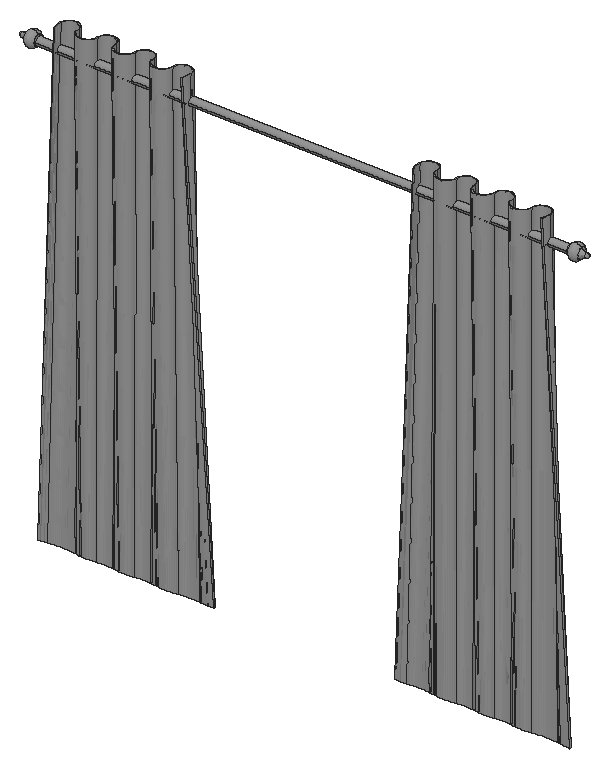
Revit family "Curtains_13832", category Furniture, Revit 2020 (continued)
Definition of nested family "Curtain Pole End"
  Forms (mm)
    Blend 2, solid, not visible
      base sketch origin (-322.009, 0, 0) x (1, 0, 0) y (0, 1, 0)
        loop
          arc (-176.544, -1.489) -> (-148.534, 0.809) -> (-120.525, -1.489) r 171.863
          arc (-120.525, -1.489) -> (-88.534, -4.114) -> (-56.544, -1.489) r 196.291
          arc (-56.544, -1.489) -> (-10.769, 2.246) -> (35, -1.57) r 279.352
          arc (35, -1.57) -> (50.945, -3.736) -> (66.992, -4.925) r 263.789
          line (66.992, -4.925) -> (66.992, -1.922)
          arc (66.992, -1.922) -> (51.193, -0.745) -> (35.494, 1.389) r 260.789
          arc (35.494, 1.389) -> (-10.766, 5.246) -> (-57.033, 1.471) r 282.352
          arc (-57.033, 1.471) -> (-88.534, -1.114) -> (-120.036, 1.471) r 193.291
          arc (-120.036, 1.471) -> (-148.534, 3.809) -> (-177.033, 1.471) r 174.863
          arc (-177.033, 1.471) -> (-208.534, -1.114) -> (-240.036, 1.471) r 193.291
          arc (-240.036, 1.471) -> (-268.534, 3.809) -> (-297.033, 1.471) r 174.863
          arc (-297.033, 1.471) -> (-339.158, -1.985) -> (-381.284, 1.471) r 258.477
          arc (-381.284, 1.471) -> (-419.035, 4.547) -> (-456.779, 1.388) r 230.096
      top sketch origin (-322.009, 0, 0) x (1, 0, 0) y (0, 1, 0)
        loop
          arc (-420, 0) -> (-418.736, -15.209) -> (-414.977, -30) r 92.103
          line (-414.977, -30) -> (-412.044, -30)
          arc (-412.044, -30) -> (-415.753, -15.203) -> (-417, 0) r 93.286
          arc (-417, 0) -> (-390, 27) -> (-363, 0) r 27
          arc (-363, 0) -> (-330, -33) -> (-297, 0) r 33
          arc (-297, 0) -> (-270, 27) -> (-243, 0) r 27
          arc (-243, 0) -> (-210, -33) -> (-177, 0) r 33
          arc (-177, 0) -> (-150, 27) -> (-123, 0) r 27
          arc (-123, 0) -> (-90, -33) -> (-57, 0) r 33
          arc (-57, 0) -> (-30.698, 26.991) -> (-3.036, 1.395) r 27
          arc (-3.036, 1.395) -> (-3.89, -13.834) -> (-7.979, -28.529) r 70.952
          line (-7.979, -28.529) -> (-4.992, -28.529)
          arc (-4.992, -28.529) -> (-0.912, -13.794) -> (-0.036, 1.471) r 72.004
          arc (-0.036, 1.471) -> (-30.736, 29.991) -> (-60, 0) r 30
          arc (-60, 0) -> (-90, -30) -> (-120, 0) r 30
          arc (-120, 0) -> (-150, 30) -> (-180, 0) r 30
          arc (-180, 0) -> (-210, -30) -> (-240, 0) r 30
          arc (-240, 0) -> (-270, 30) -> (-300, 0) r 30
          arc (-300, 0) -> (-330, -30) -> (-360, 0) r 30
          arc (-360, 0) -> (-390, 30) -> (-420, 0) r 30
      from 1000 to 3000
    Blend 3, solid, not visible
      base sketch origin (-481.992, 0, 0) x (1, 0, 0) y (0, 1, 0)
        loop
          arc (-456.779, 1.388) -> (-474.889, -0.096) -> (-492.991, 1.472) r 108.149
          line (-492.991, 1.472) -> (-492.991, -1.571)
          arc (-492.991, -1.571) -> (-474.638, -3.096) -> (-456.284, -1.571) r 111.149
          arc (-456.284, -1.571) -> (-419.032, 1.547) -> (-381.773, -1.489) r 227.096
          arc (-381.773, -1.489) -> (-339.158, -4.985) -> (-296.544, -1.489) r 261.477
          arc (-296.544, -1.489) -> (-268.534, 0.809) -> (-240.525, -1.489) r 171.863
          arc (-240.525, -1.489) -> (-208.534, -4.114) -> (-176.544, -1.489) r 196.291
          arc (-176.544, -1.489) -> (-148.534, 0.809) -> (-120.525, -1.489) r 171.863
          arc (-120.525, -1.489) -> (-88.534, -4.114) -> (-56.544, -1.489) r 196.291
          arc (-56.544, -1.489) -> (-10.769, 2.246) -> (35, -1.57) r 279.352
          arc (35, -1.57) -> (50.945, -3.736) -> (66.992, -4.925) r 263.789
          line (66.992, -4.925) -> (66.992, -1.922)
          arc (66.992, -1.922) -> (51.193, -0.745) -> (35.494, 1.389) r 260.789
          arc (35.494, 1.389) -> (-10.766, 5.246) -> (-57.033, 1.471) r 282.352
          arc (-57.033, 1.471) -> (-88.534, -1.114) -> (-120.036, 1.471) r 193.291
          arc (-120.036, 1.471) -> (-148.534, 3.809) -> (-177.033, 1.471) r 174.863
          arc (-177.033, 1.471) -> (-208.534, -1.114) -> (-240.036, 1.471) r 193.291
          arc (-240.036, 1.471) -> (-268.534, 3.809) -> (-297.033, 1.471) r 174.863
          arc (-297.033, 1.471) -> (-339.158, -1.985) -> (-381.284, 1.471) r 258.477
          arc (-381.284, 1.471) -> (-419.035, 4.547) -> (-456.779, 1.388) r 230.096
      top sketch origin (-481.992, 0, 0) x (1, 0, 0) y (0, 1, 0)
        loop
          arc (-420, 0) -> (-418.736, -15.209) -> (-414.977, -30) r 92.103
          line (-414.977, -30) -> (-412.044, -30)
          arc (-412.044, -30) -> (-415.753, -15.203) -> (-417, 0) r 93.286
          arc (-417, 0) -> (-390, 27) -> (-363, 0) r 27
          arc (-363, 0) -> (-330, -33) -> (-297, 0) r 33
          arc (-297, 0) -> (-270, 27) -> (-243, 0) r 27
          arc (-243, 0) -> (-210, -33) -> (-177, 0) r 33
          arc (-177, 0) -> (-150, 27) -> (-123, 0) r 27
          arc (-123, 0) -> (-90, -33) -> (-57, 0) r 33
          arc (-57, 0) -> (-30.698, 26.991) -> (-3.036, 1.395) r 27
          arc (-3.036, 1.395) -> (-3.89, -13.834) -> (-7.979, -28.529) r 70.952
          line (-7.979, -28.529) -> (-4.992, -28.529)
          arc (-4.992, -28.529) -> (-0.912, -13.794) -> (-0.036, 1.471) r 72.004
          arc (-0.036, 1.471) -> (-30.736, 29.991) -> (-60, 0) r 30
          arc (-60, 0) -> (-90, -30) -> (-120, 0) r 30
          arc (-120, 0) -> (-150, 30) -> (-180, 0) r 30
          arc (-180, 0) -> (-210, -30) -> (-240, 0) r 30
          arc (-240, 0) -> (-270, 30) -> (-300, 0) r 30
          arc (-300, 0) -> (-330, -30) -> (-360, 0) r 30
          arc (-360, 0) -> (-390, 30) -> (-420, 0) r 30
      from 500 to 3000
    Blend 4, solid, not visible
      base sketch origin (481.992, 0, 0) x (-1, 0, 0) y (0, -1, 0)
        loop
          arc (-456.779, -1.388) -> (-419.035, -4.547) -> (-381.284, -1.471) r 230.096
          arc (-381.284, -1.471) -> (-339.158, 1.985) -> (-297.033, -1.471) r 258.477
          arc (-297.033, -1.471) -> (-268.534, -3.809) -> (-240.036, -1.471) r 174.863
          arc (-240.036, -1.471) -> (-208.534, 1.114) -> (-177.033, -1.471) r 193.291
          arc (-177.033, -1.471) -> (-148.534, -3.809) -> (-120.036, -1.471) r 174.863
          arc (-120.036, -1.471) -> (-88.534, 1.114) -> (-57.033, -1.471) r 193.291
          arc (-57.033, -1.471) -> (-10.766, -5.246) -> (35.494, -1.389) r 282.352
          arc (35.494, -1.389) -> (51.193, 0.745) -> (66.992, 1.922) r 260.789
          line (66.992, 1.922) -> (66.992, 4.925)
          arc (66.992, 4.925) -> (50.945, 3.736) -> (35, 1.57) r 263.789
          arc (35, 1.57) -> (-10.769, -2.246) -> (-56.544, 1.489) r 279.352
          arc (-56.544, 1.489) -> (-88.534, 4.114) -> (-120.525, 1.489) r 196.291
          arc (-120.525, 1.489) -> (-148.534, -0.809) -> (-176.544, 1.489) r 171.863
          arc (-176.544, 1.489) -> (-208.534, 4.114) -> (-240.525, 1.489) r 196.291
          arc (-240.525, 1.489) -> (-268.534, -0.809) -> (-296.544, 1.489) r 171.863
          arc (-296.544, 1.489) -> (-339.158, 4.985) -> (-381.773, 1.489) r 261.477
          arc (-381.773, 1.489) -> (-419.032, -1.547) -> (-456.284, 1.571) r 227.096
          arc (-456.284, 1.571) -> (-474.638, 3.096) -> (-492.991, 1.571) r 111.149
          line (-492.991, 1.571) -> (-492.991, -1.472)
          arc (-492.991, -1.472) -> (-474.889, 0.096) -> (-456.779, -1.388) r 108.149
      top sketch origin (481.992, 0, 0) x (-1, 0, 0) y (0, -1, 0)
        loop
          arc (-420, 0) -> (-390, -30) -> (-360, 0) r 30
          arc (-360, 0) -> (-330, 30) -> (-300, 0) r 30
          arc (-300, 0) -> (-270, -30) -> (-240, 0) r 30
          arc (-240, 0) -> (-210, 30) -> (-180, 0) r 30
          arc (-180, 0) -> (-150, -30) -> (-120, 0) r 30
          arc (-120, 0) -> (-90, 30) -> (-60, 0) r 30
          arc (-60, 0) -> (-30.736, -29.991) -> (-0.036, -1.471) r 30
          arc (-0.036, -1.471) -> (-0.912, 13.794) -> (-4.992, 28.529) r 72.004
          line (-4.992, 28.529) -> (-7.979, 28.529)
          arc (-7.979, 28.529) -> (-3.89, 13.834) -> (-3.036, -1.395) r 70.952
          arc (-3.036, -1.395) -> (-30.698, -26.991) -> (-57, 0) r 27
          arc (-57, 0) -> (-90, 33) -> (-123, 0) r 33
          arc (-123, 0) -> (-150, -27) -> (-177, 0) r 27
          arc (-177, 0) -> (-210, 33) -> (-243, 0) r 33
          arc (-243, 0) -> (-270, -27) -> (-297, 0) r 27
          arc (-297, 0) -> (-330, 33) -> (-363, 0) r 33
          arc (-363, 0) -> (-390, -27) -> (-417, 0) r 27
          arc (-417, 0) -> (-415.753, 15.203) -> (-412.044, 30) r 93.286
          line (-412.044, 30) -> (-414.977, 30)
          arc (-414.977, 30) -> (-418.736, 15.209) -> (-420, 0) r 92.103
      from 500 to 3000
    Blend 5, solid, not visible
      base sketch origin (-1433.008, 0, 0) x (-1, 0, 0) y (0, -1, 0)
        loop
          arc (-706.779, -1.388) -> (-669.035, -4.547) -> (-631.284, -1.471) r 230.096
          arc (-631.284, -1.471) -> (-589.158, 1.985) -> (-547.033, -1.471) r 258.477
          arc (-547.033, -1.471) -> (-518.534, -3.809) -> (-490.036, -1.471) r 174.863
          arc (-490.036, -1.471) -> (-458.534, 1.114) -> (-427.033, -1.471) r 193.291
          arc (-427.033, -1.471) -> (-398.534, -3.809) -> (-370.036, -1.471) r 174.863
          arc (-370.036, -1.471) -> (-338.534, 1.114) -> (-307.033, -1.471) r 193.291
          arc (-307.033, -1.471) -> (-260.766, -5.246) -> (-214.506, -1.389) r 282.352
          arc (-214.506, -1.389) -> (-198.807, 0.745) -> (-183.008, 1.922) r 260.789
          line (-183.008, 1.922) -> (-183.008, 4.925)
          arc (-183.008, 4.925) -> (-199.055, 3.736) -> (-215, 1.57) r 263.789
          arc (-215, 1.57) -> (-260.769, -2.246) -> (-306.544, 1.489) r 279.352
          arc (-306.544, 1.489) -> (-338.534, 4.114) -> (-370.525, 1.489) r 196.291
          arc (-370.525, 1.489) -> (-398.534, -0.809) -> (-426.544, 1.489) r 171.863
          arc (-426.544, 1.489) -> (-458.534, 4.114) -> (-490.525, 1.489) r 196.291
          arc (-490.525, 1.489) -> (-518.534, -0.809) -> (-546.544, 1.489) r 171.863
          arc (-546.544, 1.489) -> (-589.158, 4.985) -> (-631.773, 1.489) r 261.477
          arc (-631.773, 1.489) -> (-669.032, -1.547) -> (-706.284, 1.571) r 227.096
          arc (-706.284, 1.571) -> (-724.638, 3.096) -> (-742.991, 1.571) r 111.149
          line (-742.991, 1.571) -> (-742.991, -1.472)
          arc (-742.991, -1.472) -> (-724.889, 0.096) -> (-706.779, -1.388) r 108.149
      top sketch origin (-1433.008, 0, 0) x (-1, 0, 0) y (0, -1, 0)
        loop
          arc (-670, 0) -> (-640, -30) -> (-610, 0) r 30
          arc (-610, 0) -> (-580, 30) -> (-550, 0) r 30
          arc (-550, 0) -> (-520, -30) -> (-490, 0) r 30
          arc (-490, 0) -> (-460, 30) -> (-430, 0) r 30
          arc (-430, 0) -> (-400, -30) -> (-370, 0) r 30
          arc (-370, 0) -> (-340, 30) -> (-310, 0) r 30
          arc (-310, 0) -> (-280.736, -29.991) -> (-250.036, -1.471) r 30
          arc (-250.036, -1.471) -> (-250.912, 13.794) -> (-254.992, 28.529) r 72.004
          line (-254.992, 28.529) -> (-257.979, 28.529)
          arc (-257.979, 28.529) -> (-253.89, 13.834) -> (-253.036, -1.395) r 70.952
          arc (-253.036, -1.395) -> (-280.698, -26.991) -> (-307, 0) r 27
          arc (-307, 0) -> (-340, 33) -> (-373, 0) r 33
          arc (-373, 0) -> (-400, -27) -> (-427, 0) r 27
          arc (-427, 0) -> (-460, 33) -> (-493, 0) r 33
          arc (-493, 0) -> (-520, -27) -> (-547, 0) r 27
          arc (-547, 0) -> (-580, 33) -> (-613, 0) r 33
          arc (-613, 0) -> (-640, -27) -> (-667, 0) r 27
          arc (-667, 0) -> (-665.753, 15.203) -> (-662.044, 30) r 93.286
          line (-662.044, 30) -> (-664.977, 30)
          arc (-664.977, 30) -> (-668.736, 15.209) -> (-670, 0) r 92.103
      from 1000 to 3000
    Blend 6, solid, not visible
      base sketch origin (1433.008, 0, 0) x (1, 0, 0) y (0, 1, 0)
        loop
          arc (-706.779, 1.388) -> (-724.889, -0.096) -> (-742.991, 1.472) r 108.149
          line (-742.991, 1.472) -> (-742.991, -1.571)
          arc (-742.991, -1.571) -> (-724.638, -3.096) -> (-706.284, -1.571) r 111.149
          arc (-706.284, -1.571) -> (-669.032, 1.547) -> (-631.773, -1.489) r 227.096
          arc (-631.773, -1.489) -> (-589.158, -4.985) -> (-546.544, -1.489) r 261.477
          arc (-546.544, -1.489) -> (-518.534, 0.809) -> (-490.525, -1.489) r 171.863
          arc (-490.525, -1.489) -> (-458.534, -4.114) -> (-426.544, -1.489) r 196.291
          arc (-426.544, -1.489) -> (-398.534, 0.809) -> (-370.525, -1.489) r 171.863
          arc (-370.525, -1.489) -> (-338.534, -4.114) -> (-306.544, -1.489) r 196.291
          arc (-306.544, -1.489) -> (-260.769, 2.246) -> (-215, -1.57) r 279.352
          arc (-215, -1.57) -> (-199.055, -3.736) -> (-183.008, -4.925) r 263.789
          line (-183.008, -4.925) -> (-183.008, -1.922)
          arc (-183.008, -1.922) -> (-198.807, -0.745) -> (-214.506, 1.389) r 260.789
          arc (-214.506, 1.389) -> (-260.766, 5.246) -> (-307.033, 1.471) r 282.352
          arc (-307.033, 1.471) -> (-338.534, -1.114) -> (-370.036, 1.471) r 193.291
          arc (-370.036, 1.471) -> (-398.534, 3.809) -> (-427.033, 1.471) r 174.863
          arc (-427.033, 1.471) -> (-458.534, -1.114) -> (-490.036, 1.471) r 193.291
          arc (-490.036, 1.471) -> (-518.534, 3.809) -> (-547.033, 1.471) r 174.863
          arc (-547.033, 1.471) -> (-589.158, -1.985) -> (-631.284, 1.471) r 258.477
          arc (-631.284, 1.471) -> (-669.035, 4.547) -> (-706.779, 1.388) r 230.096
      top sketch origin (1433.008, 0, 0) x (1, 0, 0) y (0, 1, 0)
        loop
          arc (-670, 0) -> (-668.736, -15.209) -> (-664.977, -30) r 92.103
          line (-664.977, -30) -> (-662.044, -30)
          arc (-662.044, -30) -> (-665.753, -15.203) -> (-667, 0) r 93.286
          arc (-667, 0) -> (-640, 27) -> (-613, 0) r 27
          arc (-613, 0) -> (-580, -33) -> (-547, 0) r 33
          arc (-547, 0) -> (-520, 27) -> (-493, 0) r 27
          arc (-493, 0) -> (-460, -33) -> (-427, 0) r 33
          arc (-427, 0) -> (-400, 27) -> (-373, 0) r 27
          arc (-373, 0) -> (-340, -33) -> (-307, 0) r 33
          arc (-307, 0) -> (-280.698, 26.991) -> (-253.036, 1.395) r 27
          arc (-253.036, 1.395) -> (-253.89, -13.834) -> (-257.979, -28.529) r 70.952
          line (-257.979, -28.529) -> (-254.992, -28.529)
          arc (-254.992, -28.529) -> (-250.912, -13.794) -> (-250.036, 1.471) r 72.004
          arc (-250.036, 1.471) -> (-280.736, 29.991) -> (-310, 0) r 30
          arc (-310, 0) -> (-340, -30) -> (-370, 0) r 30
          arc (-370, 0) -> (-400, 30) -> (-430, 0) r 30
          arc (-430, 0) -> (-460, -30) -> (-490, 0) r 30
          arc (-490, 0) -> (-520, 30) -> (-550, 0) r 30
          arc (-550, 0) -> (-580, -30) -> (-610, 0) r 30
          arc (-610, 0) -> (-640, 30) -> (-670, 0) r 30
      from 1000 to 3000
    Blend 7, solid, not visible
      base sketch origin (933.008, 0, 0) x (1, 0, 0) y (0, 1, 0)
        loop
          arc (-706.779, 1.388) -> (-724.889, -0.096) -> (-742.991, 1.472) r 108.149
          line (-742.991, 1.472) -> (-742.991, -1.571)
          arc (-742.991, -1.571) -> (-724.638, -3.096) -> (-706.284, -1.571) r 111.149
          arc (-706.284, -1.571) -> (-669.032, 1.547) -> (-631.773, -1.489) r 227.096
          arc (-631.773, -1.489) -> (-589.158, -4.985) -> (-546.544, -1.489) r 261.477
          arc (-546.544, -1.489) -> (-518.534, 0.809) -> (-490.525, -1.489) r 171.863
          arc (-490.525, -1.489) -> (-458.534, -4.114) -> (-426.544, -1.489) r 196.291
          arc (-426.544, -1.489) -> (-398.534, 0.809) -> (-370.525, -1.489) r 171.863
          arc (-370.525, -1.489) -> (-338.534, -4.114) -> (-306.544, -1.489) r 196.291
          arc (-306.544, -1.489) -> (-260.769, 2.246) -> (-215, -1.57) r 279.352
          arc (-215, -1.57) -> (-199.055, -3.736) -> (-183.008, -4.925) r 263.789
          line (-183.008, -4.925) -> (-183.008, -1.922)
          arc (-183.008, -1.922) -> (-198.807, -0.745) -> (-214.506, 1.389) r 260.789
          arc (-214.506, 1.389) -> (-260.766, 5.246) -> (-307.033, 1.471) r 282.352
          arc (-307.033, 1.471) -> (-338.534, -1.114) -> (-370.036, 1.471) r 193.291
          arc (-370.036, 1.471) -> (-398.534, 3.809) -> (-427.033, 1.471) r 174.863
          arc (-427.033, 1.471) -> (-458.534, -1.114) -> (-490.036, 1.471) r 193.291
          arc (-490.036, 1.471) -> (-518.534, 3.809) -> (-547.033, 1.471) r 174.863
          arc (-547.033, 1.471) -> (-589.158, -1.985) -> (-631.284, 1.471) r 258.477
          arc (-631.284, 1.471) -> (-669.035, 4.547) -> (-706.779, 1.388) r 230.096
      top sketch origin (933.008, 0, 0) x (1, 0, 0) y (0, 1, 0)
        loop
          arc (-670, 0) -> (-668.736, -15.209) -> (-664.977, -30) r 92.103
          line (-664.977, -30) -> (-662.044, -30)
          arc (-662.044, -30) -> (-665.753, -15.203) -> (-667, 0) r 93.286
          arc (-667, 0) -> (-640, 27) -> (-613, 0) r 27
          arc (-613, 0) -> (-580, -33) -> (-547, 0) r 33
          arc (-547, 0) -> (-520, 27) -> (-493, 0) r 27
          arc (-493, 0) -> (-460, -33) -> (-427, 0) r 33
          arc (-427, 0) -> (-400, 27) -> (-373, 0) r 27
          arc (-373, 0) -> (-340, -33) -> (-307, 0) r 33
          arc (-307, 0) -> (-280.698, 26.991) -> (-253.036, 1.395) r 27
          arc (-253.036, 1.395) -> (-253.89, -13.834) -> (-257.979, -28.529) r 70.952
          line (-257.979, -28.529) -> (-254.992, -28.529)
          arc (-254.992, -28.529) -> (-250.912, -13.794) -> (-250.036, 1.471) r 72.004
          arc (-250.036, 1.471) -> (-280.736, 29.991) -> (-310, 0) r 30
          arc (-310, 0) -> (-340, -30) -> (-370, 0) r 30
          arc (-370, 0) -> (-400, 30) -> (-430, 0) r 30
          arc (-430, 0) -> (-460, -30) -> (-490, 0) r 30
          arc (-490, 0) -> (-520, 30) -> (-550, 0) r 30
          arc (-550, 0) -> (-580, -30) -> (-610, 0) r 30
          arc (-610, 0) -> (-640, 30) -> (-670, 0) r 30
      from 0 to 2000
    Blend 8, solid, not visible
      base sketch origin (-933.008, 0, 1000) x (-1, 0, 0) y (0, -1, 0)
        loop
          arc (-706.779, -1.388) -> (-669.035, -4.547) -> (-631.284, -1.471) r 230.096
          arc (-631.284, -1.471) -> (-589.158, 1.985) -> (-547.033, -1.471) r 258.477
          arc (-547.033, -1.471) -> (-518.534, -3.809) -> (-490.036, -1.471) r 174.863
          arc (-490.036, -1.471) -> (-458.534, 1.114) -> (-427.033, -1.471) r 193.291
          arc (-427.033, -1.471) -> (-398.534, -3.809) -> (-370.036, -1.471) r 174.863
          arc (-370.036, -1.471) -> (-338.534, 1.114) -> (-307.033, -1.471) r 193.291
          arc (-307.033, -1.471) -> (-260.766, -5.246) -> (-214.506, -1.389) r 282.352
          arc (-214.506, -1.389) -> (-198.807, 0.745) -> (-183.008, 1.922) r 260.789
          line (-183.008, 1.922) -> (-183.008, 4.925)
          arc (-183.008, 4.925) -> (-199.055, 3.736) -> (-215, 1.57) r 263.789
          arc (-215, 1.57) -> (-260.769, -2.246) -> (-306.544, 1.489) r 279.352
          arc (-306.544, 1.489) -> (-338.534, 4.114) -> (-370.525, 1.489) r 196.291
          arc (-370.525, 1.489) -> (-398.534, -0.809) -> (-426.544, 1.489) r 171.863
          arc (-426.544, 1.489) -> (-458.534, 4.114) -> (-490.525, 1.489) r 196.291
          arc (-490.525, 1.489) -> (-518.534, -0.809) -> (-546.544, 1.489) r 171.863
          arc (-546.544, 1.489) -> (-589.158, 4.985) -> (-631.773, 1.489) r 261.477
          arc (-631.773, 1.489) -> (-669.032, -1.547) -> (-706.284, 1.571) r 227.096
          arc (-706.284, 1.571) -> (-724.638, 3.096) -> (-742.991, 1.571) r 111.149
          line (-742.991, 1.571) -> (-742.991, -1.472)
          arc (-742.991, -1.472) -> (-724.889, 0.096) -> (-706.779, -1.388) r 108.149
      top sketch origin (-933.008, 0, 1000) x (-1, 0, 0) y (0, -1, 0)
        loop
          arc (-670, 0) -> (-640, -30) -> (-610, 0) r 30
          arc (-610, 0) -> (-580, 30) -> (-550, 0) r 30
          arc (-550, 0) -> (-520, -30) -> (-490, 0) r 30
          arc (-490, 0) -> (-460, 30) -> (-430, 0) r 30
          arc (-430, 0) -> (-400, -30) -> (-370, 0) r 30
          arc (-370, 0) -> (-340, 30) -> (-310, 0) r 30
          arc (-310, 0) -> (-280.736, -29.991) -> (-250.036, -1.471) r 30
          arc (-250.036, -1.471) -> (-250.912, 13.794) -> (-254.992, 28.529) r 72.004
          line (-254.992, 28.529) -> (-257.979, 28.529)
          arc (-257.979, 28.529) -> (-253.89, 13.834) -> (-253.036, -1.395) r 70.952
          arc (-253.036, -1.395) -> (-280.698, -26.991) -> (-307, 0) r 27
          arc (-307, 0) -> (-340, 33) -> (-373, 0) r 33
          arc (-373, 0) -> (-400, -27) -> (-427, 0) r 27
          arc (-427, 0) -> (-460, 33) -> (-493, 0) r 33
          arc (-493, 0) -> (-520, -27) -> (-547, 0) r 27
          arc (-547, 0) -> (-580, 33) -> (-613, 0) r 33
          arc (-613, 0) -> (-640, -27) -> (-667, 0) r 27
          arc (-667, 0) -> (-665.753, 15.203) -> (-662.044, 30) r 93.286
          line (-662.044, 30) -> (-664.977, 30)
          arc (-664.977, 30) -> (-668.736, 15.209) -> (-670, 0) r 92.103
      from 0 to 2000
    Revolve 9, solid, material <- "Pole Material"
      sketch origin (0, 0, 0) x (1, 0, 0) y (0, 0, 1)
        loop
          line (0, 16.265) -> (0, 0) -> (57.289, 0)
          arc (57.289, 0) -> (55.365, 4.645) -> (50.719, 6.569) r 6.569
          arc (50.719, 6.569) -> (40.579, 8.902) -> (33.227, 16.265) r 18.823
          arc (33.227, 16.265) -> (18.227, 25.117) -> (3.227, 16.265) r 17.135
          line (3.227, 16.265) -> (0, 16.265)
        axis (57.289, 0) -> (0, 0)
      angle from 0 to 360
  Dimensions and locks
    aligned and locked: level to plane 2
